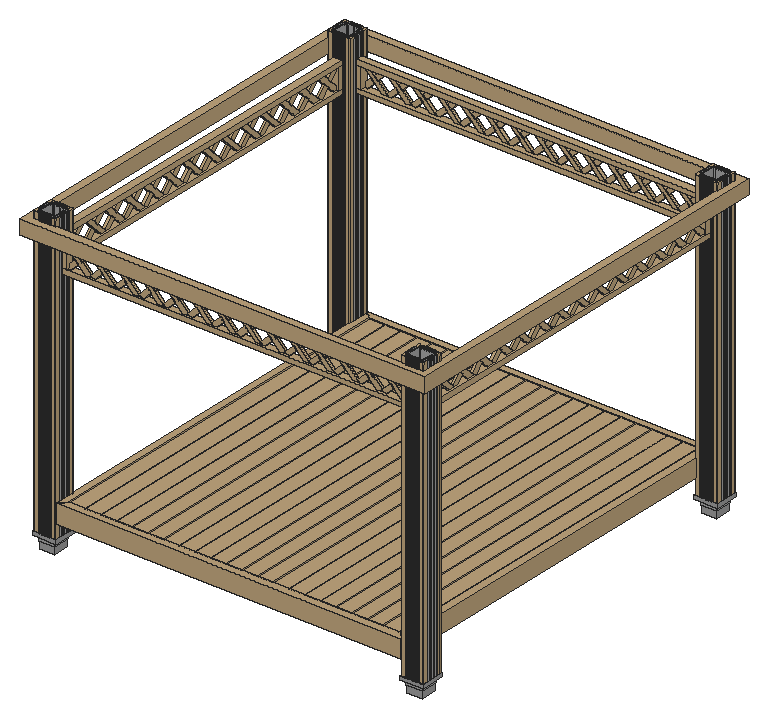
Revit family "L-FUR_파고라_DWP-530_데오스웍스", category 일반 모델, Revit 2021
Family settings
  보강 철근 호스트 가능 = 아니오
  원형 커넥터 치수 = 지름 사용
  부품 유형 = 보통
  작업 기준면 기반 = 아니오
  항상 수직 = 예
  로드될 때 보이드를 사용하여 절단 = 아니오
  공유 = 아니오
  룸 계산 점 = 아니오
Parameters
  한국산업규격KS = ""
  조달청표준공사코드-세부공종 = "24072297"
  기본 입면도 = 0 mm
  건설정보분류체계-부위분류 = "E941"
  LIM_INFO_주의사항 = "재배포, 재가공, 판매 금지"
  LIM_INFO_제품업체 = "예건"
  LIM_INFO_제품번호 = "YF-16"
  LIM_INFO_제품명 = "펜스_YF-16"
  LIM_INFO_제작일 = "20230315"
  LIM_INFO_재료 = "Hardwood, STL-pipe, STL-plate"
  LIM_INFO_업체정보 = ""
  LIM_INFO_업체URL = "https://yekun.com/"
  LIM_INFO_업체TEL = "(+82)31-943-6114"
  LIM_INFO_업체EMAIL = "yekun@yekun.com"
  LIM_INFO_버전 = "2023_V01"
  LIM_INFO_기타정보 = ""
  LIM_INFO_규격 = "W2000 x H1800"
  LIM_INFO_가격 = 0
  LIM_INFO_PV_포장재여부 = yes
  LIM_INFO_PV_면적 = 0.00 m²
  KBIMS_식별-버전 = ""
  KBIMS_식별-bSK등록번호 = ""
  KBIMS_보급정보-저작자 = "림인포테크_MMJ"
  KBIMS_보급정보-보급코드 = ""
Reference planes
  plane 1 "중심(앞/뒤)": y = 0
  plane 2: z = 0
  plane 3 "중심(왼쪽/오른쪽)": x = 0
Dimensions and locks
  aligned and locked: level to plane 2
Nested families
  nested 1: "DWP-530_base" at (0, 0, 0), type "DWP-530_base"
Definition of nested family "DWP-530_base"
  Parameters (values of type "DWP-530_base")
    Default Elevation = 0 mm
  Reference planes
    plane 1 "중심(앞/뒤)": y = 0
    plane 2: z = 0
    plane 3 "중심(왼쪽/오른쪽)": x = 0
  Forms (mm)
    Extrusion 1, solid, detail levels fine
      sketch origin (0, 0, 0) x (1, 0, 0) y (0, 0, 1)
        loop
          line (3273.502, 400) -> (3273.502, 360) -> (3393.502, 360) -> (3393.502, 400) -> (3273.502, 400)
        loop
          line (3145.502, 400) -> (3145.502, 360) -> (3265.502, 360) -> (3265.502, 400) -> (3145.502, 400)
        loop
          line (3017.502, 400) -> (3017.502, 360) -> (3137.502, 360) -> (3137.502, 400) -> (3017.502, 400)
        loop
          line (2889.502, 400) -> (2889.502, 360) -> (3009.502, 360) -> (3009.502, 400) -> (2889.502, 400)
        loop
          line (2761.502, 400) -> (2761.502, 360) -> (2881.502, 360) -> (2881.502, 400) -> (2761.502, 400)
        loop
          line (2633.502, 400) -> (2633.502, 360) -> (2753.502, 360) -> (2753.502, 400) -> (2633.502, 400)
        loop
          line (2505.502, 400) -> (2505.502, 360) -> (2625.502, 360) -> (2625.502, 400) -> (2505.502, 400)
        loop
          line (2377.502, 400) -> (2377.502, 360) -> (2497.502, 360) -> (2497.502, 400) -> (2377.502, 400)
        loop
          line (2249.502, 400) -> (2249.502, 360) -> (2369.502, 360) -> (2369.502, 400) -> (2249.502, 400)
        loop
          line (2121.502, 400) -> (2121.502, 360) -> (2241.502, 360) -> (2241.502, 400) -> (2121.502, 400)
        loop
          line (1993.502, 400) -> (1993.502, 360) -> (2113.502, 360) -> (2113.502, 400) -> (1993.502, 400)
        loop
          line (1865.502, 400) -> (1865.502, 360) -> (1985.502, 360) -> (1985.502, 400) -> (1865.502, 400)
        loop
          line (1737.502, 400) -> (1737.502, 360) -> (1857.502, 360) -> (1857.502, 400) -> (1737.502, 400)
        loop
          line (1609.502, 400) -> (1609.502, 360) -> (1729.502, 360) -> (1729.502, 400) -> (1609.502, 400)
        loop
          line (1481.502, 400) -> (1481.502, 360) -> (1601.502, 360) -> (1601.502, 400) -> (1481.502, 400)
        loop
          line (1353.502, 400) -> (1353.502, 360) -> (1473.502, 360) -> (1473.502, 400) -> (1353.502, 400)
        loop
          line (1225.502, 400) -> (1225.502, 360) -> (1345.502, 360) -> (1345.502, 400) -> (1225.502, 400)
        loop
          line (1097.502, 400) -> (1097.502, 360) -> (1217.502, 360) -> (1217.502, 400) -> (1097.502, 400)
        loop
          line (969.502, 400) -> (969.502, 360) -> (1089.502, 360) -> (1089.502, 400) -> (969.502, 400)
        loop
          line (841.502, 400) -> (841.502, 360) -> (961.502, 360) -> (961.502, 400) -> (841.502, 400)
        loop
          line (713.502, 400) -> (713.502, 360) -> (833.502, 360) -> (833.502, 400) -> (713.502, 400)
      from -540.15 to -3599.986
    Extrusion 2, solid, detail levels fine
      sketch origin (-7477.207, 0, 0) x (1, 0, 0) y (0, 1, 0)
        loop
          line (8178.873, 3599.986) -> (10878.709, 3599.986) -> (10938.709, 3659.986) -> (8118.873, 3659.986) -> (8178.873, 3599.986)
        loop
          line (8178.873, 540.15) -> (8118.873, 480.15) -> (10938.709, 480.15) -> (10878.709, 540.15) -> (8178.873, 540.15)
      from 400 to 250
    Extrusion 3, solid, detail levels fine
      sketch origin (-7477.207, 0, 0) x (1, 0, 0) y (0, 1, 0)
        loop
          line (8118.873, 480.15) -> (8178.873, 540.15) -> (8178.873, 3599.986) -> (8118.873, 3659.986) -> (8118.873, 480.15)
        loop
          line (10878.709, 540.15) -> (10938.709, 480.15) -> (10938.709, 3659.986) -> (10878.709, 3599.986) -> (10878.709, 540.15)
      from 400 to 250
    Extrusion 4, solid, detail levels fine
      sketch origin (-10477.043, 0, 0) x (1, 0, 0) y (0, 1, 0)
        loop
          line (11078.709, 3639.486) -> (11098.209, 3639.486) -> (11098.209, 3619.986) -> (11118.709, 3619.986) -> (11118.709, 3653.486)
          arc (11118.709, 3653.486) -> (11116.805, 3658.082) -> (11112.209, 3659.986) r 6.5
          line (11112.209, 3659.986) -> (11078.709, 3659.986) -> (11078.709, 3639.486)
        loop
          line (10978.709, 3639.486) -> (10978.709, 3659.986) -> (10945.209, 3659.986)
          arc (10945.209, 3659.986) -> (10940.613, 3658.082) -> (10938.709, 3653.486) r 6.5
          line (10938.709, 3653.486) -> (10938.709, 3619.986) -> (10959.209, 3619.986) -> (10959.209, 3639.486) -> (10978.709, 3639.486)
        loop
          line (10978.709, 3500.486) -> (10959.209, 3500.486) -> (10959.209, 3519.986) -> (10938.709, 3519.986) -> (10938.709, 3486.486)
          arc (10938.709, 3486.486) -> (10940.613, 3481.889) -> (10945.209, 3479.986) r 6.5
          line (10945.209, 3479.986) -> (10978.709, 3479.986) -> (10978.709, 3500.486)
        loop
          line (11078.709, 3500.486) -> (11078.709, 3479.986) -> (11112.209, 3479.986)
          arc (11112.209, 3479.986) -> (11116.805, 3481.889) -> (11118.709, 3486.486) r 6.5
          line (11118.709, 3486.486) -> (11118.709, 3519.986) -> (11098.209, 3519.986) -> (11098.209, 3500.486) -> (11078.709, 3500.486)
      from 2471.849 to 130
    Extrusion 5, solid, detail levels fine
      sketch origin (-10477.043, 0, 0) x (1, 0, 0) y (0, 1, 0)
        loop
          line (11082.709, 3629.286) -> (10974.709, 3629.286)
          arc (10974.709, 3629.286) -> (10970.961, 3627.733) -> (10969.409, 3623.986) r 5.3
          line (10969.409, 3623.986) -> (10969.409, 3515.986)
          arc (10969.409, 3515.986) -> (10970.961, 3512.238) -> (10974.709, 3510.686) r 5.3
          line (10974.709, 3510.686) -> (11082.709, 3510.686)
          arc (11082.709, 3510.686) -> (11086.457, 3512.238) -> (11088.009, 3515.986) r 5.3
          line (11088.009, 3515.986) -> (11088.009, 3623.986)
          arc (11088.009, 3623.986) -> (11086.457, 3627.733) -> (11082.709, 3629.286) r 5.3
        loop
          line (11091.209, 3515.986) -> (11091.209, 3623.986)
          arc (11091.209, 3623.986) -> (11088.719, 3629.996) -> (11082.709, 3632.486) r 8.5
          line (11082.709, 3632.486) -> (10974.709, 3632.486)
          arc (10974.709, 3632.486) -> (10968.698, 3629.996) -> (10966.209, 3623.986) r 8.5
          line (10966.209, 3623.986) -> (10966.209, 3515.986)
          arc (10966.209, 3515.986) -> (10968.698, 3509.975) -> (10974.709, 3507.486) r 8.5
          line (10974.709, 3507.486) -> (11082.709, 3507.486)
          arc (11082.709, 3507.486) -> (11088.719, 3509.975) -> (11091.209, 3515.986) r 8.5
      from 2471.849 to 130
    Extrusion 6, solid, detail levels fine
      sketch origin (-10477.043, 0, 0) x (1, 0, 0) y (0, 1, 0)
        loop
          line (10961.209, 3502.486) -> (10961.209, 3519.986) -> (10962.709, 3519.986) -> (10962.709, 3521.986) -> (10961.209, 3521.986) -> (10961.209, 3542.673) -> (10962.709, 3542.673) -> (10962.709, 3544.673) -> (10960.209, 3544.673) -> (10960.209, 3562.986) -> (10958.209, 3562.986)
          arc (10958.209, 3562.986) -> (10956.209, 3560.986) -> (10958.209, 3558.986) r 2
          line (10958.209, 3558.986) -> (10958.209, 3544.673) -> (10946.709, 3544.673) -> (10946.709, 3559.579) -> (10948.709, 3559.579) -> (10948.709, 3568.486) -> (10946.709, 3568.486) -> (10946.709, 3561.579) -> (10944.709, 3561.579) -> (10944.709, 3568.486) -> (10938.709, 3568.486) -> (10938.709, 3559.579) -> (10944.709, 3559.579) -> (10944.709, 3556.579) -> (10938.709, 3556.579) -> (10938.709, 3547.673) -> (10944.709, 3547.673) -> (10944.709, 3544.673) -> (10938.709, 3544.673) -> (10938.709, 3535.767) -> (10944.709, 3535.767) -> (10944.709, 3532.767) -> (10938.709, 3532.767) -> (10938.709, 3523.861) -> (10944.709, 3523.861) -> (10944.709, 3519.986) -> (10959.209, 3519.986) -> (10959.209, 3500.486) -> (10978.709, 3500.486) -> (10978.709, 3485.986) -> (10982.585, 3485.986) -> (10982.585, 3479.986) -> (10991.491, 3479.986) -> (10991.491, 3485.986) -> (10994.491, 3485.986) -> (10994.491, 3479.986) -> (11003.397, 3479.986) -> (11003.397, 3485.986) -> (11006.397, 3485.986) -> (11006.397, 3479.986) -> (11015.303, 3479.986) -> (11015.303, 3485.986) -> (11018.303, 3485.986) -> (11018.303, 3479.986) -> (11027.209, 3479.986) -> (11027.209, 3485.986) -> (11030.209, 3485.986) -> (11030.209, 3479.986) -> (11039.115, 3479.986) -> (11039.115, 3485.986) -> (11042.115, 3485.986) -> (11042.115, 3479.986) -> (11051.021, 3479.986) -> (11051.021, 3485.986) -> (11054.021, 3485.986) -> (11054.021, 3479.986) -> (11062.927, 3479.986) -> (11062.927, 3485.986) -> (11065.927, 3485.986) -> (11065.927, 3479.986) -> (11074.833, 3479.986) -> (11074.833, 3485.986) -> (11078.709, 3485.986) -> (11078.709, 3500.486) -> (11098.209, 3500.486) -> (11098.209, 3519.986) -> (11112.709, 3519.986) -> (11112.709, 3523.861) -> (11118.709, 3523.861) -> (11118.709, 3532.767) -> (11112.709, 3532.767) -> (11112.709, 3535.767) -> (11118.709, 3535.767) -> (11118.709, 3544.673) -> (11112.709, 3544.673) -> (11112.709, 3547.673) -> (11118.709, 3547.673) -> (11118.709, 3556.579) -> (11112.709, 3556.579) -> (11112.709, 3559.579) -> (11118.709, 3559.579) -> (11118.709, 3568.486) -> (11112.709, 3568.486) -> (11112.709, 3578.392) -> (11110.709, 3578.392) -> (11110.709, 3544.673) -> (11099.209, 3544.673) -> (11099.209, 3558.986)
          arc (11099.209, 3558.986) -> (11101.209, 3560.986) -> (11099.209, 3562.986) r 2
          line (11099.209, 3562.986) -> (11097.209, 3562.986) -> (11097.209, 3544.673) -> (11094.709, 3544.673) -> (11094.709, 3542.673) -> (11096.209, 3542.673) -> (11096.209, 3521.986) -> (11094.709, 3521.986) -> (11094.709, 3519.986) -> (11096.209, 3519.986) -> (11096.209, 3502.486) -> (11078.709, 3502.486) -> (11078.709, 3503.986) -> (11076.709, 3503.986) -> (11076.709, 3502.486) -> (11029.709, 3502.486) -> (11029.709, 3503.986) -> (11027.709, 3503.986) -> (11027.709, 3502.486) -> (10980.709, 3502.486) -> (10980.709, 3503.986) -> (10978.709, 3503.986) -> (10978.709, 3502.486) -> (10961.209, 3502.486)
        loop
          line (10980.709, 3500.486) -> (10980.709, 3487.986) -> (10984.585, 3487.986) -> (10984.585, 3481.986) -> (10989.585, 3481.986) -> (10989.585, 3487.986) -> (10996.491, 3487.986) -> (10996.491, 3481.986) -> (11001.491, 3481.986) -> (11001.491, 3487.986) -> (11008.397, 3487.986) -> (11008.397, 3481.986) -> (11013.397, 3481.986) -> (11013.397, 3487.986) -> (11020.303, 3487.986) -> (11020.303, 3481.986) -> (11025.303, 3481.986) -> (11025.303, 3487.986) -> (11027.709, 3487.986) -> (11027.709, 3500.486) -> (10980.709, 3500.486)
        loop
          line (11029.709, 3500.486) -> (11029.709, 3487.986) -> (11032.115, 3487.986) -> (11032.115, 3481.986) -> (11037.115, 3481.986) -> (11037.115, 3487.986) -> (11044.021, 3487.986) -> (11044.021, 3481.986) -> (11049.021, 3481.986) -> (11049.021, 3487.986) -> (11055.927, 3487.986) -> (11055.927, 3481.986) -> (11060.927, 3481.986) -> (11060.927, 3487.986) -> (11067.833, 3487.986) -> (11067.833, 3481.986) -> (11072.833, 3481.986) -> (11072.833, 3487.986) -> (11076.709, 3487.986) -> (11076.709, 3500.486) -> (11029.709, 3500.486)
        loop
          line (11098.209, 3542.673) -> (11098.209, 3521.986) -> (11110.709, 3521.986) -> (11110.709, 3542.673) -> (11098.209, 3542.673)
        loop
          line (11112.709, 3530.861) -> (11112.709, 3525.861) -> (11116.709, 3525.861) -> (11116.709, 3530.861) -> (11112.709, 3530.861)
        loop
          line (11116.709, 3542.767) -> (11112.709, 3542.767) -> (11112.709, 3537.767) -> (11116.709, 3537.767) -> (11116.709, 3542.767)
        loop
          line (11116.709, 3549.673) -> (11116.709, 3554.673) -> (11112.709, 3554.673) -> (11112.709, 3549.673) -> (11116.709, 3549.673)
        loop
          line (11116.709, 3561.579) -> (11116.709, 3566.579) -> (11112.709, 3566.579) -> (11112.709, 3561.579) -> (11116.709, 3561.579)
        loop
          line (10959.209, 3542.673) -> (10946.709, 3542.673) -> (10946.709, 3521.986) -> (10959.209, 3521.986) -> (10959.209, 3542.673)
        loop
          line (10942.709, 3566.579) -> (10940.709, 3566.579) -> (10940.709, 3561.579) -> (10942.709, 3561.579) -> (10942.709, 3566.579)
        loop
          line (10944.709, 3549.673) -> (10944.709, 3554.673) -> (10940.709, 3554.673) -> (10940.709, 3549.673) -> (10944.709, 3549.673)
        loop
          line (10944.709, 3542.767) -> (10940.709, 3542.767) -> (10940.709, 3537.767) -> (10944.709, 3537.767) -> (10944.709, 3542.767)
        loop
          line (10944.709, 3530.861) -> (10940.709, 3530.861) -> (10940.709, 3525.861) -> (10944.709, 3525.861) -> (10944.709, 3530.861)
      from 2471.849 to 130
    Extrusion 7, solid, detail levels fine
      sketch origin (-10477.043, 0, 0) x (1, 0, 0) y (0, 1, 0)
        loop
          line (10946.709, 3561.579) -> (10946.709, 3595.298) -> (10958.209, 3595.298) -> (10958.209, 3580.986)
          arc (10958.209, 3580.986) -> (10956.209, 3578.986) -> (10958.209, 3576.986) r 2
          line (10958.209, 3576.986) -> (10960.209, 3576.986) -> (10960.209, 3595.298) -> (10962.709, 3595.298) -> (10962.709, 3597.298) -> (10961.209, 3597.298) -> (10961.209, 3617.986) -> (10962.709, 3617.986) -> (10962.709, 3619.986) -> (10961.209, 3619.986) -> (10961.209, 3637.486) -> (10978.709, 3637.486) -> (10978.709, 3635.986) -> (10980.709, 3635.986) -> (10980.709, 3637.486) -> (11027.709, 3637.486) -> (11027.709, 3635.986) -> (11029.709, 3635.986) -> (11029.709, 3637.486) -> (11076.709, 3637.486) -> (11076.709, 3635.986) -> (11078.709, 3635.986) -> (11078.709, 3637.486) -> (11096.209, 3637.486) -> (11096.209, 3619.986) -> (11094.709, 3619.986) -> (11094.709, 3617.986) -> (11096.209, 3617.986) -> (11096.209, 3597.298) -> (11094.709, 3597.298) -> (11094.709, 3595.298) -> (11097.209, 3595.298) -> (11097.209, 3576.986) -> (11099.209, 3576.986)
          arc (11099.209, 3576.986) -> (11101.209, 3578.986) -> (11099.209, 3580.986) r 2
          line (11099.209, 3580.986) -> (11099.209, 3595.298) -> (11110.709, 3595.298) -> (11110.709, 3580.392) -> (11108.709, 3580.392) -> (11108.709, 3571.486) -> (11110.709, 3571.486) -> (11110.709, 3578.392) -> (11112.709, 3578.392) -> (11112.709, 3571.486) -> (11118.709, 3571.486) -> (11118.709, 3580.392) -> (11112.709, 3580.392) -> (11112.709, 3583.392) -> (11118.709, 3583.392) -> (11118.709, 3592.298) -> (11112.709, 3592.298) -> (11112.709, 3595.298) -> (11118.709, 3595.298) -> (11118.709, 3604.204) -> (11112.709, 3604.204) -> (11112.709, 3607.204) -> (11118.709, 3607.204) -> (11118.709, 3616.11) -> (11112.709, 3616.11) -> (11112.709, 3619.986) -> (11098.209, 3619.986) -> (11098.209, 3639.486) -> (11078.709, 3639.486) -> (11078.709, 3653.986) -> (11074.833, 3653.986) -> (11074.833, 3659.986) -> (11065.927, 3659.986) -> (11065.927, 3653.986) -> (11062.927, 3653.986) -> (11062.927, 3659.986) -> (11054.021, 3659.986) -> (11054.021, 3653.986) -> (11051.021, 3653.986) -> (11051.021, 3659.986) -> (11042.115, 3659.986) -> (11042.115, 3653.986) -> (11039.115, 3653.986) -> (11039.115, 3659.986) -> (11030.209, 3659.986) -> (11030.209, 3653.986) -> (11027.209, 3653.986) -> (11027.209, 3659.986) -> (11018.303, 3659.986) -> (11018.303, 3653.986) -> (11015.303, 3653.986) -> (11015.303, 3659.986) -> (11006.397, 3659.986) -> (11006.397, 3653.986) -> (11003.397, 3653.986) -> (11003.397, 3659.986) -> (10994.491, 3659.986) -> (10994.491, 3653.986) -> (10991.491, 3653.986) -> (10991.491, 3659.986) -> (10982.585, 3659.986) -> (10982.585, 3653.986) -> (10978.709, 3653.986) -> (10978.709, 3639.486) -> (10959.209, 3639.486) -> (10959.209, 3619.986) -> (10944.709, 3619.986) -> (10944.709, 3616.11) -> (10938.709, 3616.11) -> (10938.709, 3607.204) -> (10944.709, 3607.204) -> (10944.709, 3604.204) -> (10938.709, 3604.204) -> (10938.709, 3595.298) -> (10944.709, 3595.298) -> (10944.709, 3592.298) -> (10938.709, 3592.298) -> (10938.709, 3583.392) -> (10944.709, 3583.392) -> (10944.709, 3580.392) -> (10938.709, 3580.392) -> (10938.709, 3571.486) -> (10944.709, 3571.486) -> (10944.709, 3561.579) -> (10946.709, 3561.579)
        loop
          line (10946.709, 3597.298) -> (10959.209, 3597.298) -> (10959.209, 3617.986) -> (10946.709, 3617.986) -> (10946.709, 3597.298)
        loop
          line (10940.709, 3573.392) -> (10944.709, 3573.392) -> (10944.709, 3578.392) -> (10940.709, 3578.392) -> (10940.709, 3573.392)
        loop
          line (10944.709, 3585.298) -> (10944.709, 3590.298) -> (10940.709, 3590.298) -> (10940.709, 3585.298) -> (10944.709, 3585.298)
        loop
          line (10944.709, 3597.204) -> (10944.709, 3602.204) -> (10940.709, 3602.204) -> (10940.709, 3597.204) -> (10944.709, 3597.204)
        loop
          line (10944.709, 3614.11) -> (10940.709, 3614.11) -> (10940.709, 3609.11) -> (10944.709, 3609.11) -> (10944.709, 3614.11)
        loop
          line (11027.709, 3639.486) -> (11027.709, 3651.986) -> (11025.303, 3651.986) -> (11025.303, 3657.986) -> (11020.303, 3657.986) -> (11020.303, 3651.986) -> (11013.397, 3651.986) -> (11013.397, 3657.986) -> (11008.397, 3657.986) -> (11008.397, 3651.986) -> (11001.491, 3651.986) -> (11001.491, 3657.986) -> (10996.491, 3657.986) -> (10996.491, 3651.986) -> (10989.585, 3651.986) -> (10989.585, 3657.986) -> (10984.585, 3657.986) -> (10984.585, 3651.986) -> (10980.709, 3651.986) -> (10980.709, 3639.486) -> (11027.709, 3639.486)
        loop
          line (11076.709, 3639.486) -> (11076.709, 3651.986) -> (11072.833, 3651.986) -> (11072.833, 3657.986) -> (11067.833, 3657.986) -> (11067.833, 3651.986) -> (11060.927, 3651.986) -> (11060.927, 3657.986) -> (11055.927, 3657.986) -> (11055.927, 3651.986) -> (11049.021, 3651.986) -> (11049.021, 3657.986) -> (11044.021, 3657.986) -> (11044.021, 3651.986) -> (11037.115, 3651.986) -> (11037.115, 3657.986) -> (11032.115, 3657.986) -> (11032.115, 3651.986) -> (11029.709, 3651.986) -> (11029.709, 3639.486) -> (11076.709, 3639.486)
        loop
          line (11110.709, 3617.986) -> (11098.209, 3617.986) -> (11098.209, 3597.298) -> (11110.709, 3597.298) -> (11110.709, 3617.986)
        loop
          line (11112.709, 3614.11) -> (11112.709, 3609.11) -> (11116.709, 3609.11) -> (11116.709, 3614.11) -> (11112.709, 3614.11)
        loop
          line (11116.709, 3602.204) -> (11112.709, 3602.204) -> (11112.709, 3597.204) -> (11116.709, 3597.204) -> (11116.709, 3602.204)
        loop
          line (11116.709, 3585.298) -> (11116.709, 3590.298) -> (11112.709, 3590.298) -> (11112.709, 3585.298) -> (11116.709, 3585.298)
        loop
          line (11116.709, 3578.392) -> (11114.709, 3578.392) -> (11114.709, 3573.392) -> (11116.709, 3573.392) -> (11116.709, 3578.392)
      from 2471.849 to 130
    Extrusion 8, solid, detail levels fine
      sketch origin (-10477.043, -2999.836, 0) x (1, 0, 0) y (0, 1, 0)
        loop
          line (11078.709, 3639.486) -> (11098.209, 3639.486) -> (11098.209, 3619.986) -> (11118.709, 3619.986) -> (11118.709, 3653.486)
          arc (11118.709, 3653.486) -> (11116.805, 3658.082) -> (11112.209, 3659.986) r 6.5
          line (11112.209, 3659.986) -> (11078.709, 3659.986) -> (11078.709, 3639.486)
        loop
          line (10978.709, 3639.486) -> (10978.709, 3659.986) -> (10945.209, 3659.986)
          arc (10945.209, 3659.986) -> (10940.613, 3658.082) -> (10938.709, 3653.486) r 6.5
          line (10938.709, 3653.486) -> (10938.709, 3619.986) -> (10959.209, 3619.986) -> (10959.209, 3639.486) -> (10978.709, 3639.486)
        loop
          line (10978.709, 3500.486) -> (10959.209, 3500.486) -> (10959.209, 3519.986) -> (10938.709, 3519.986) -> (10938.709, 3486.486)
          arc (10938.709, 3486.486) -> (10940.613, 3481.889) -> (10945.209, 3479.986) r 6.5
          line (10945.209, 3479.986) -> (10978.709, 3479.986) -> (10978.709, 3500.486)
        loop
          line (11078.709, 3500.486) -> (11078.709, 3479.986) -> (11112.209, 3479.986)
          arc (11112.209, 3479.986) -> (11116.805, 3481.889) -> (11118.709, 3486.486) r 6.5
          line (11118.709, 3486.486) -> (11118.709, 3519.986) -> (11098.209, 3519.986) -> (11098.209, 3500.486) -> (11078.709, 3500.486)
      from 2471.849 to 130
    Extrusion 9, solid, detail levels fine
      sketch origin (-10477.043, -2999.836, 0) x (1, 0, 0) y (0, 1, 0)
        loop
          line (11082.709, 3629.286) -> (10974.709, 3629.286)
          arc (10974.709, 3629.286) -> (10970.961, 3627.733) -> (10969.409, 3623.986) r 5.3
          line (10969.409, 3623.986) -> (10969.409, 3515.986)
          arc (10969.409, 3515.986) -> (10970.961, 3512.238) -> (10974.709, 3510.686) r 5.3
          line (10974.709, 3510.686) -> (11082.709, 3510.686)
          arc (11082.709, 3510.686) -> (11086.457, 3512.238) -> (11088.009, 3515.986) r 5.3
          line (11088.009, 3515.986) -> (11088.009, 3623.986)
          arc (11088.009, 3623.986) -> (11086.457, 3627.733) -> (11082.709, 3629.286) r 5.3
        loop
          line (11091.209, 3515.986) -> (11091.209, 3623.986)
          arc (11091.209, 3623.986) -> (11088.719, 3629.996) -> (11082.709, 3632.486) r 8.5
          line (11082.709, 3632.486) -> (10974.709, 3632.486)
          arc (10974.709, 3632.486) -> (10968.698, 3629.996) -> (10966.209, 3623.986) r 8.5
          line (10966.209, 3623.986) -> (10966.209, 3515.986)
          arc (10966.209, 3515.986) -> (10968.698, 3509.975) -> (10974.709, 3507.486) r 8.5
          line (10974.709, 3507.486) -> (11082.709, 3507.486)
          arc (11082.709, 3507.486) -> (11088.719, 3509.975) -> (11091.209, 3515.986) r 8.5
      from 2471.849 to 130
    Extrusion 10, solid, detail levels fine
      sketch origin (-10477.043, -2999.836, 0) x (1, 0, 0) y (0, 1, 0)
        loop
          line (10961.209, 3502.486) -> (10961.209, 3519.986) -> (10962.709, 3519.986) -> (10962.709, 3521.986) -> (10961.209, 3521.986) -> (10961.209, 3542.673) -> (10962.709, 3542.673) -> (10962.709, 3544.673) -> (10960.209, 3544.673) -> (10960.209, 3562.986) -> (10958.209, 3562.986)
          arc (10958.209, 3562.986) -> (10956.209, 3560.986) -> (10958.209, 3558.986) r 2
          line (10958.209, 3558.986) -> (10958.209, 3544.673) -> (10946.709, 3544.673) -> (10946.709, 3559.579) -> (10948.709, 3559.579) -> (10948.709, 3568.486) -> (10946.709, 3568.486) -> (10946.709, 3561.579) -> (10944.709, 3561.579) -> (10944.709, 3568.486) -> (10938.709, 3568.486) -> (10938.709, 3559.579) -> (10944.709, 3559.579) -> (10944.709, 3556.579) -> (10938.709, 3556.579) -> (10938.709, 3547.673) -> (10944.709, 3547.673) -> (10944.709, 3544.673) -> (10938.709, 3544.673) -> (10938.709, 3535.767) -> (10944.709, 3535.767) -> (10944.709, 3532.767) -> (10938.709, 3532.767) -> (10938.709, 3523.861) -> (10944.709, 3523.861) -> (10944.709, 3519.986) -> (10959.209, 3519.986) -> (10959.209, 3500.486) -> (10978.709, 3500.486) -> (10978.709, 3485.986) -> (10982.585, 3485.986) -> (10982.585, 3479.986) -> (10991.491, 3479.986) -> (10991.491, 3485.986) -> (10994.491, 3485.986) -> (10994.491, 3479.986) -> (11003.397, 3479.986) -> (11003.397, 3485.986) -> (11006.397, 3485.986) -> (11006.397, 3479.986) -> (11015.303, 3479.986) -> (11015.303, 3485.986) -> (11018.303, 3485.986) -> (11018.303, 3479.986) -> (11027.209, 3479.986) -> (11027.209, 3485.986) -> (11030.209, 3485.986) -> (11030.209, 3479.986) -> (11039.115, 3479.986) -> (11039.115, 3485.986) -> (11042.115, 3485.986) -> (11042.115, 3479.986) -> (11051.021, 3479.986) -> (11051.021, 3485.986) -> (11054.021, 3485.986) -> (11054.021, 3479.986) -> (11062.927, 3479.986) -> (11062.927, 3485.986) -> (11065.927, 3485.986) -> (11065.927, 3479.986) -> (11074.833, 3479.986) -> (11074.833, 3485.986) -> (11078.709, 3485.986) -> (11078.709, 3500.486) -> (11098.209, 3500.486) -> (11098.209, 3519.986) -> (11112.709, 3519.986) -> (11112.709, 3523.861) -> (11118.709, 3523.861) -> (11118.709, 3532.767) -> (11112.709, 3532.767) -> (11112.709, 3535.767) -> (11118.709, 3535.767) -> (11118.709, 3544.673) -> (11112.709, 3544.673) -> (11112.709, 3547.673) -> (11118.709, 3547.673) -> (11118.709, 3556.579) -> (11112.709, 3556.579) -> (11112.709, 3559.579) -> (11118.709, 3559.579) -> (11118.709, 3568.486) -> (11112.709, 3568.486) -> (11112.709, 3578.392) -> (11110.709, 3578.392) -> (11110.709, 3544.673) -> (11099.209, 3544.673) -> (11099.209, 3558.986)
          arc (11099.209, 3558.986) -> (11101.209, 3560.986) -> (11099.209, 3562.986) r 2
          line (11099.209, 3562.986) -> (11097.209, 3562.986) -> (11097.209, 3544.673) -> (11094.709, 3544.673) -> (11094.709, 3542.673) -> (11096.209, 3542.673) -> (11096.209, 3521.986) -> (11094.709, 3521.986) -> (11094.709, 3519.986) -> (11096.209, 3519.986) -> (11096.209, 3502.486) -> (11078.709, 3502.486) -> (11078.709, 3503.986) -> (11076.709, 3503.986) -> (11076.709, 3502.486) -> (11029.709, 3502.486) -> (11029.709, 3503.986) -> (11027.709, 3503.986) -> (11027.709, 3502.486) -> (10980.709, 3502.486) -> (10980.709, 3503.986) -> (10978.709, 3503.986) -> (10978.709, 3502.486) -> (10961.209, 3502.486)
        loop
          line (10980.709, 3500.486) -> (10980.709, 3487.986) -> (10984.585, 3487.986) -> (10984.585, 3481.986) -> (10989.585, 3481.986) -> (10989.585, 3487.986) -> (10996.491, 3487.986) -> (10996.491, 3481.986) -> (11001.491, 3481.986) -> (11001.491, 3487.986) -> (11008.397, 3487.986) -> (11008.397, 3481.986) -> (11013.397, 3481.986) -> (11013.397, 3487.986) -> (11020.303, 3487.986) -> (11020.303, 3481.986) -> (11025.303, 3481.986) -> (11025.303, 3487.986) -> (11027.709, 3487.986) -> (11027.709, 3500.486) -> (10980.709, 3500.486)
        loop
          line (11029.709, 3500.486) -> (11029.709, 3487.986) -> (11032.115, 3487.986) -> (11032.115, 3481.986) -> (11037.115, 3481.986) -> (11037.115, 3487.986) -> (11044.021, 3487.986) -> (11044.021, 3481.986) -> (11049.021, 3481.986) -> (11049.021, 3487.986) -> (11055.927, 3487.986) -> (11055.927, 3481.986) -> (11060.927, 3481.986) -> (11060.927, 3487.986) -> (11067.833, 3487.986) -> (11067.833, 3481.986) -> (11072.833, 3481.986) -> (11072.833, 3487.986) -> (11076.709, 3487.986) -> (11076.709, 3500.486) -> (11029.709, 3500.486)
        loop
          line (11098.209, 3542.673) -> (11098.209, 3521.986) -> (11110.709, 3521.986) -> (11110.709, 3542.673) -> (11098.209, 3542.673)
        loop
          line (11112.709, 3530.861) -> (11112.709, 3525.861) -> (11116.709, 3525.861) -> (11116.709, 3530.861) -> (11112.709, 3530.861)
        loop
          line (11116.709, 3542.767) -> (11112.709, 3542.767) -> (11112.709, 3537.767) -> (11116.709, 3537.767) -> (11116.709, 3542.767)
        loop
          line (11116.709, 3549.673) -> (11116.709, 3554.673) -> (11112.709, 3554.673) -> (11112.709, 3549.673) -> (11116.709, 3549.673)
        loop
          line (11116.709, 3561.579) -> (11116.709, 3566.579) -> (11112.709, 3566.579) -> (11112.709, 3561.579) -> (11116.709, 3561.579)
        loop
          line (10959.209, 3542.673) -> (10946.709, 3542.673) -> (10946.709, 3521.986) -> (10959.209, 3521.986) -> (10959.209, 3542.673)
        loop
          line (10942.709, 3566.579) -> (10940.709, 3566.579) -> (10940.709, 3561.579) -> (10942.709, 3561.579) -> (10942.709, 3566.579)
        loop
          line (10944.709, 3549.673) -> (10944.709, 3554.673) -> (10940.709, 3554.673) -> (10940.709, 3549.673) -> (10944.709, 3549.673)
        loop
          line (10944.709, 3542.767) -> (10940.709, 3542.767) -> (10940.709, 3537.767) -> (10944.709, 3537.767) -> (10944.709, 3542.767)
        loop
          line (10944.709, 3530.861) -> (10940.709, 3530.861) -> (10940.709, 3525.861) -> (10944.709, 3525.861) -> (10944.709, 3530.861)
      from 2471.849 to 130
    Extrusion 11, solid, detail levels fine
      sketch origin (-10477.043, -2999.836, 0) x (1, 0, 0) y (0, 1, 0)
        loop
          line (10946.709, 3561.579) -> (10946.709, 3595.298) -> (10958.209, 3595.298) -> (10958.209, 3580.986)
          arc (10958.209, 3580.986) -> (10956.209, 3578.986) -> (10958.209, 3576.986) r 2
          line (10958.209, 3576.986) -> (10960.209, 3576.986) -> (10960.209, 3595.298) -> (10962.709, 3595.298) -> (10962.709, 3597.298) -> (10961.209, 3597.298) -> (10961.209, 3617.986) -> (10962.709, 3617.986) -> (10962.709, 3619.986) -> (10961.209, 3619.986) -> (10961.209, 3637.486) -> (10978.709, 3637.486) -> (10978.709, 3635.986) -> (10980.709, 3635.986) -> (10980.709, 3637.486) -> (11027.709, 3637.486) -> (11027.709, 3635.986) -> (11029.709, 3635.986) -> (11029.709, 3637.486) -> (11076.709, 3637.486) -> (11076.709, 3635.986) -> (11078.709, 3635.986) -> (11078.709, 3637.486) -> (11096.209, 3637.486) -> (11096.209, 3619.986) -> (11094.709, 3619.986) -> (11094.709, 3617.986) -> (11096.209, 3617.986) -> (11096.209, 3597.298) -> (11094.709, 3597.298) -> (11094.709, 3595.298) -> (11097.209, 3595.298) -> (11097.209, 3576.986) -> (11099.209, 3576.986)
          arc (11099.209, 3576.986) -> (11101.209, 3578.986) -> (11099.209, 3580.986) r 2
          line (11099.209, 3580.986) -> (11099.209, 3595.298) -> (11110.709, 3595.298) -> (11110.709, 3580.392) -> (11108.709, 3580.392) -> (11108.709, 3571.486) -> (11110.709, 3571.486) -> (11110.709, 3578.392) -> (11112.709, 3578.392) -> (11112.709, 3571.486) -> (11118.709, 3571.486) -> (11118.709, 3580.392) -> (11112.709, 3580.392) -> (11112.709, 3583.392) -> (11118.709, 3583.392) -> (11118.709, 3592.298) -> (11112.709, 3592.298) -> (11112.709, 3595.298) -> (11118.709, 3595.298) -> (11118.709, 3604.204) -> (11112.709, 3604.204) -> (11112.709, 3607.204) -> (11118.709, 3607.204) -> (11118.709, 3616.11) -> (11112.709, 3616.11) -> (11112.709, 3619.986) -> (11098.209, 3619.986) -> (11098.209, 3639.486) -> (11078.709, 3639.486) -> (11078.709, 3653.986) -> (11074.833, 3653.986) -> (11074.833, 3659.986) -> (11065.927, 3659.986) -> (11065.927, 3653.986) -> (11062.927, 3653.986) -> (11062.927, 3659.986) -> (11054.021, 3659.986) -> (11054.021, 3653.986) -> (11051.021, 3653.986) -> (11051.021, 3659.986) -> (11042.115, 3659.986) -> (11042.115, 3653.986) -> (11039.115, 3653.986) -> (11039.115, 3659.986) -> (11030.209, 3659.986) -> (11030.209, 3653.986) -> (11027.209, 3653.986) -> (11027.209, 3659.986) -> (11018.303, 3659.986) -> (11018.303, 3653.986) -> (11015.303, 3653.986) -> (11015.303, 3659.986) -> (11006.397, 3659.986) -> (11006.397, 3653.986) -> (11003.397, 3653.986) -> (11003.397, 3659.986) -> (10994.491, 3659.986) -> (10994.491, 3653.986) -> (10991.491, 3653.986) -> (10991.491, 3659.986) -> (10982.585, 3659.986) -> (10982.585, 3653.986) -> (10978.709, 3653.986) -> (10978.709, 3639.486) -> (10959.209, 3639.486) -> (10959.209, 3619.986) -> (10944.709, 3619.986) -> (10944.709, 3616.11) -> (10938.709, 3616.11) -> (10938.709, 3607.204) -> (10944.709, 3607.204) -> (10944.709, 3604.204) -> (10938.709, 3604.204) -> (10938.709, 3595.298) -> (10944.709, 3595.298) -> (10944.709, 3592.298) -> (10938.709, 3592.298) -> (10938.709, 3583.392) -> (10944.709, 3583.392) -> (10944.709, 3580.392) -> (10938.709, 3580.392) -> (10938.709, 3571.486) -> (10944.709, 3571.486) -> (10944.709, 3561.579) -> (10946.709, 3561.579)
        loop
          line (10946.709, 3597.298) -> (10959.209, 3597.298) -> (10959.209, 3617.986) -> (10946.709, 3617.986) -> (10946.709, 3597.298)
        loop
          line (10940.709, 3573.392) -> (10944.709, 3573.392) -> (10944.709, 3578.392) -> (10940.709, 3578.392) -> (10940.709, 3573.392)
        loop
          line (10944.709, 3585.298) -> (10944.709, 3590.298) -> (10940.709, 3590.298) -> (10940.709, 3585.298) -> (10944.709, 3585.298)
        loop
          line (10944.709, 3597.204) -> (10944.709, 3602.204) -> (10940.709, 3602.204) -> (10940.709, 3597.204) -> (10944.709, 3597.204)
        loop
          line (10944.709, 3614.11) -> (10940.709, 3614.11) -> (10940.709, 3609.11) -> (10944.709, 3609.11) -> (10944.709, 3614.11)
        loop
          line (11027.709, 3639.486) -> (11027.709, 3651.986) -> (11025.303, 3651.986) -> (11025.303, 3657.986) -> (11020.303, 3657.986) -> (11020.303, 3651.986) -> (11013.397, 3651.986) -> (11013.397, 3657.986) -> (11008.397, 3657.986) -> (11008.397, 3651.986) -> (11001.491, 3651.986) -> (11001.491, 3657.986) -> (10996.491, 3657.986) -> (10996.491, 3651.986) -> (10989.585, 3651.986) -> (10989.585, 3657.986) -> (10984.585, 3657.986) -> (10984.585, 3651.986) -> (10980.709, 3651.986) -> (10980.709, 3639.486) -> (11027.709, 3639.486)
        loop
          line (11076.709, 3639.486) -> (11076.709, 3651.986) -> (11072.833, 3651.986) -> (11072.833, 3657.986) -> (11067.833, 3657.986) -> (11067.833, 3651.986) -> (11060.927, 3651.986) -> (11060.927, 3657.986) -> (11055.927, 3657.986) -> (11055.927, 3651.986) -> (11049.021, 3651.986) -> (11049.021, 3657.986) -> (11044.021, 3657.986) -> (11044.021, 3651.986) -> (11037.115, 3651.986) -> (11037.115, 3657.986) -> (11032.115, 3657.986) -> (11032.115, 3651.986) -> (11029.709, 3651.986) -> (11029.709, 3639.486) -> (11076.709, 3639.486)
        loop
          line (11110.709, 3617.986) -> (11098.209, 3617.986) -> (11098.209, 3597.298) -> (11110.709, 3597.298) -> (11110.709, 3617.986)
        loop
          line (11112.709, 3614.11) -> (11112.709, 3609.11) -> (11116.709, 3609.11) -> (11116.709, 3614.11) -> (11112.709, 3614.11)
        loop
          line (11116.709, 3602.204) -> (11112.709, 3602.204) -> (11112.709, 3597.204) -> (11116.709, 3597.204) -> (11116.709, 3602.204)
        loop
          line (11116.709, 3585.298) -> (11116.709, 3590.298) -> (11112.709, 3590.298) -> (11112.709, 3585.298) -> (11116.709, 3585.298)
        loop
          line (11116.709, 3578.392) -> (11114.709, 3578.392) -> (11114.709, 3573.392) -> (11116.709, 3573.392) -> (11116.709, 3578.392)
      from 2471.849 to 130
    Extrusion 12, solid, detail levels fine
      sketch origin (-7477.207, 0, 0) x (1, 0, 0) y (0, 1, 0)
        loop
          line (11078.709, 3639.486) -> (11098.209, 3639.486) -> (11098.209, 3619.986) -> (11118.709, 3619.986) -> (11118.709, 3653.486)
          arc (11118.709, 3653.486) -> (11116.805, 3658.082) -> (11112.209, 3659.986) r 6.5
          line (11112.209, 3659.986) -> (11078.709, 3659.986) -> (11078.709, 3639.486)
        loop
          line (10978.709, 3639.486) -> (10978.709, 3659.986) -> (10945.209, 3659.986)
          arc (10945.209, 3659.986) -> (10940.613, 3658.082) -> (10938.709, 3653.486) r 6.5
          line (10938.709, 3653.486) -> (10938.709, 3619.986) -> (10959.209, 3619.986) -> (10959.209, 3639.486) -> (10978.709, 3639.486)
        loop
          line (10978.709, 3500.486) -> (10959.209, 3500.486) -> (10959.209, 3519.986) -> (10938.709, 3519.986) -> (10938.709, 3486.486)
          arc (10938.709, 3486.486) -> (10940.613, 3481.889) -> (10945.209, 3479.986) r 6.5
          line (10945.209, 3479.986) -> (10978.709, 3479.986) -> (10978.709, 3500.486)
        loop
          line (11078.709, 3500.486) -> (11078.709, 3479.986) -> (11112.209, 3479.986)
          arc (11112.209, 3479.986) -> (11116.805, 3481.889) -> (11118.709, 3486.486) r 6.5
          line (11118.709, 3486.486) -> (11118.709, 3519.986) -> (11098.209, 3519.986) -> (11098.209, 3500.486) -> (11078.709, 3500.486)
      from 2471.849 to 130
    Extrusion 13, solid, detail levels fine
      sketch origin (-7477.207, 0, 0) x (1, 0, 0) y (0, 1, 0)
        loop
          line (11082.709, 3629.286) -> (10974.709, 3629.286)
          arc (10974.709, 3629.286) -> (10970.961, 3627.733) -> (10969.409, 3623.986) r 5.3
          line (10969.409, 3623.986) -> (10969.409, 3515.986)
          arc (10969.409, 3515.986) -> (10970.961, 3512.238) -> (10974.709, 3510.686) r 5.3
          line (10974.709, 3510.686) -> (11082.709, 3510.686)
          arc (11082.709, 3510.686) -> (11086.457, 3512.238) -> (11088.009, 3515.986) r 5.3
          line (11088.009, 3515.986) -> (11088.009, 3623.986)
          arc (11088.009, 3623.986) -> (11086.457, 3627.733) -> (11082.709, 3629.286) r 5.3
        loop
          line (11091.209, 3515.986) -> (11091.209, 3623.986)
          arc (11091.209, 3623.986) -> (11088.719, 3629.996) -> (11082.709, 3632.486) r 8.5
          line (11082.709, 3632.486) -> (10974.709, 3632.486)
          arc (10974.709, 3632.486) -> (10968.698, 3629.996) -> (10966.209, 3623.986) r 8.5
          line (10966.209, 3623.986) -> (10966.209, 3515.986)
          arc (10966.209, 3515.986) -> (10968.698, 3509.975) -> (10974.709, 3507.486) r 8.5
          line (10974.709, 3507.486) -> (11082.709, 3507.486)
          arc (11082.709, 3507.486) -> (11088.719, 3509.975) -> (11091.209, 3515.986) r 8.5
      from 2471.849 to 130
    Extrusion 14, solid, detail levels fine
      sketch origin (-7477.207, 0, 0) x (1, 0, 0) y (0, 1, 0)
        loop
          line (10961.209, 3502.486) -> (10961.209, 3519.986) -> (10962.709, 3519.986) -> (10962.709, 3521.986) -> (10961.209, 3521.986) -> (10961.209, 3542.673) -> (10962.709, 3542.673) -> (10962.709, 3544.673) -> (10960.209, 3544.673) -> (10960.209, 3562.986) -> (10958.209, 3562.986)
          arc (10958.209, 3562.986) -> (10956.209, 3560.986) -> (10958.209, 3558.986) r 2
          line (10958.209, 3558.986) -> (10958.209, 3544.673) -> (10946.709, 3544.673) -> (10946.709, 3559.579) -> (10948.709, 3559.579) -> (10948.709, 3568.486) -> (10946.709, 3568.486) -> (10946.709, 3561.579) -> (10944.709, 3561.579) -> (10944.709, 3568.486) -> (10938.709, 3568.486) -> (10938.709, 3559.579) -> (10944.709, 3559.579) -> (10944.709, 3556.579) -> (10938.709, 3556.579) -> (10938.709, 3547.673) -> (10944.709, 3547.673) -> (10944.709, 3544.673) -> (10938.709, 3544.673) -> (10938.709, 3535.767) -> (10944.709, 3535.767) -> (10944.709, 3532.767) -> (10938.709, 3532.767) -> (10938.709, 3523.861) -> (10944.709, 3523.861) -> (10944.709, 3519.986) -> (10959.209, 3519.986) -> (10959.209, 3500.486) -> (10978.709, 3500.486) -> (10978.709, 3485.986) -> (10982.585, 3485.986) -> (10982.585, 3479.986) -> (10991.491, 3479.986) -> (10991.491, 3485.986) -> (10994.491, 3485.986) -> (10994.491, 3479.986) -> (11003.397, 3479.986) -> (11003.397, 3485.986) -> (11006.397, 3485.986) -> (11006.397, 3479.986) -> (11015.303, 3479.986) -> (11015.303, 3485.986) -> (11018.303, 3485.986) -> (11018.303, 3479.986) -> (11027.209, 3479.986) -> (11027.209, 3485.986) -> (11030.209, 3485.986) -> (11030.209, 3479.986) -> (11039.115, 3479.986) -> (11039.115, 3485.986) -> (11042.115, 3485.986) -> (11042.115, 3479.986) -> (11051.021, 3479.986) -> (11051.021, 3485.986) -> (11054.021, 3485.986) -> (11054.021, 3479.986) -> (11062.927, 3479.986) -> (11062.927, 3485.986) -> (11065.927, 3485.986) -> (11065.927, 3479.986) -> (11074.833, 3479.986) -> (11074.833, 3485.986) -> (11078.709, 3485.986) -> (11078.709, 3500.486) -> (11098.209, 3500.486) -> (11098.209, 3519.986) -> (11112.709, 3519.986) -> (11112.709, 3523.861) -> (11118.709, 3523.861) -> (11118.709, 3532.767) -> (11112.709, 3532.767) -> (11112.709, 3535.767) -> (11118.709, 3535.767) -> (11118.709, 3544.673) -> (11112.709, 3544.673) -> (11112.709, 3547.673) -> (11118.709, 3547.673) -> (11118.709, 3556.579) -> (11112.709, 3556.579) -> (11112.709, 3559.579) -> (11118.709, 3559.579) -> (11118.709, 3568.486) -> (11112.709, 3568.486) -> (11112.709, 3578.392) -> (11110.709, 3578.392) -> (11110.709, 3544.673) -> (11099.209, 3544.673) -> (11099.209, 3558.986)
          arc (11099.209, 3558.986) -> (11101.209, 3560.986) -> (11099.209, 3562.986) r 2
          line (11099.209, 3562.986) -> (11097.209, 3562.986) -> (11097.209, 3544.673) -> (11094.709, 3544.673) -> (11094.709, 3542.673) -> (11096.209, 3542.673) -> (11096.209, 3521.986) -> (11094.709, 3521.986) -> (11094.709, 3519.986) -> (11096.209, 3519.986) -> (11096.209, 3502.486) -> (11078.709, 3502.486) -> (11078.709, 3503.986) -> (11076.709, 3503.986) -> (11076.709, 3502.486) -> (11029.709, 3502.486) -> (11029.709, 3503.986) -> (11027.709, 3503.986) -> (11027.709, 3502.486) -> (10980.709, 3502.486) -> (10980.709, 3503.986) -> (10978.709, 3503.986) -> (10978.709, 3502.486) -> (10961.209, 3502.486)
        loop
          line (10980.709, 3500.486) -> (10980.709, 3487.986) -> (10984.585, 3487.986) -> (10984.585, 3481.986) -> (10989.585, 3481.986) -> (10989.585, 3487.986) -> (10996.491, 3487.986) -> (10996.491, 3481.986) -> (11001.491, 3481.986) -> (11001.491, 3487.986) -> (11008.397, 3487.986) -> (11008.397, 3481.986) -> (11013.397, 3481.986) -> (11013.397, 3487.986) -> (11020.303, 3487.986) -> (11020.303, 3481.986) -> (11025.303, 3481.986) -> (11025.303, 3487.986) -> (11027.709, 3487.986) -> (11027.709, 3500.486) -> (10980.709, 3500.486)
        loop
          line (11029.709, 3500.486) -> (11029.709, 3487.986) -> (11032.115, 3487.986) -> (11032.115, 3481.986) -> (11037.115, 3481.986) -> (11037.115, 3487.986) -> (11044.021, 3487.986) -> (11044.021, 3481.986) -> (11049.021, 3481.986) -> (11049.021, 3487.986) -> (11055.927, 3487.986) -> (11055.927, 3481.986) -> (11060.927, 3481.986) -> (11060.927, 3487.986) -> (11067.833, 3487.986) -> (11067.833, 3481.986) -> (11072.833, 3481.986) -> (11072.833, 3487.986) -> (11076.709, 3487.986) -> (11076.709, 3500.486) -> (11029.709, 3500.486)
        loop
          line (11098.209, 3542.673) -> (11098.209, 3521.986) -> (11110.709, 3521.986) -> (11110.709, 3542.673) -> (11098.209, 3542.673)
        loop
          line (11112.709, 3530.861) -> (11112.709, 3525.861) -> (11116.709, 3525.861) -> (11116.709, 3530.861) -> (11112.709, 3530.861)
        loop
          line (11116.709, 3542.767) -> (11112.709, 3542.767) -> (11112.709, 3537.767) -> (11116.709, 3537.767) -> (11116.709, 3542.767)
        loop
          line (11116.709, 3549.673) -> (11116.709, 3554.673) -> (11112.709, 3554.673) -> (11112.709, 3549.673) -> (11116.709, 3549.673)
        loop
          line (11116.709, 3561.579) -> (11116.709, 3566.579) -> (11112.709, 3566.579) -> (11112.709, 3561.579) -> (11116.709, 3561.579)
        loop
          line (10959.209, 3542.673) -> (10946.709, 3542.673) -> (10946.709, 3521.986) -> (10959.209, 3521.986) -> (10959.209, 3542.673)
        loop
          line (10942.709, 3566.579) -> (10940.709, 3566.579) -> (10940.709, 3561.579) -> (10942.709, 3561.579) -> (10942.709, 3566.579)
        loop
          line (10944.709, 3549.673) -> (10944.709, 3554.673) -> (10940.709, 3554.673) -> (10940.709, 3549.673) -> (10944.709, 3549.673)
        loop
          line (10944.709, 3542.767) -> (10940.709, 3542.767) -> (10940.709, 3537.767) -> (10944.709, 3537.767) -> (10944.709, 3542.767)
        loop
          line (10944.709, 3530.861) -> (10940.709, 3530.861) -> (10940.709, 3525.861) -> (10944.709, 3525.861) -> (10944.709, 3530.861)
      from 2471.849 to 130
    Extrusion 15, solid, detail levels fine
      sketch origin (-7477.207, 0, 0) x (1, 0, 0) y (0, 1, 0)
        loop
          line (10946.709, 3561.579) -> (10946.709, 3595.298) -> (10958.209, 3595.298) -> (10958.209, 3580.986)
          arc (10958.209, 3580.986) -> (10956.209, 3578.986) -> (10958.209, 3576.986) r 2
          line (10958.209, 3576.986) -> (10960.209, 3576.986) -> (10960.209, 3595.298) -> (10962.709, 3595.298) -> (10962.709, 3597.298) -> (10961.209, 3597.298) -> (10961.209, 3617.986) -> (10962.709, 3617.986) -> (10962.709, 3619.986) -> (10961.209, 3619.986) -> (10961.209, 3637.486) -> (10978.709, 3637.486) -> (10978.709, 3635.986) -> (10980.709, 3635.986) -> (10980.709, 3637.486) -> (11027.709, 3637.486) -> (11027.709, 3635.986) -> (11029.709, 3635.986) -> (11029.709, 3637.486) -> (11076.709, 3637.486) -> (11076.709, 3635.986) -> (11078.709, 3635.986) -> (11078.709, 3637.486) -> (11096.209, 3637.486) -> (11096.209, 3619.986) -> (11094.709, 3619.986) -> (11094.709, 3617.986) -> (11096.209, 3617.986) -> (11096.209, 3597.298) -> (11094.709, 3597.298) -> (11094.709, 3595.298) -> (11097.209, 3595.298) -> (11097.209, 3576.986) -> (11099.209, 3576.986)
          arc (11099.209, 3576.986) -> (11101.209, 3578.986) -> (11099.209, 3580.986) r 2
          line (11099.209, 3580.986) -> (11099.209, 3595.298) -> (11110.709, 3595.298) -> (11110.709, 3580.392) -> (11108.709, 3580.392) -> (11108.709, 3571.486) -> (11110.709, 3571.486) -> (11110.709, 3578.392) -> (11112.709, 3578.392) -> (11112.709, 3571.486) -> (11118.709, 3571.486) -> (11118.709, 3580.392) -> (11112.709, 3580.392) -> (11112.709, 3583.392) -> (11118.709, 3583.392) -> (11118.709, 3592.298) -> (11112.709, 3592.298) -> (11112.709, 3595.298) -> (11118.709, 3595.298) -> (11118.709, 3604.204) -> (11112.709, 3604.204) -> (11112.709, 3607.204) -> (11118.709, 3607.204) -> (11118.709, 3616.11) -> (11112.709, 3616.11) -> (11112.709, 3619.986) -> (11098.209, 3619.986) -> (11098.209, 3639.486) -> (11078.709, 3639.486) -> (11078.709, 3653.986) -> (11074.833, 3653.986) -> (11074.833, 3659.986) -> (11065.927, 3659.986) -> (11065.927, 3653.986) -> (11062.927, 3653.986) -> (11062.927, 3659.986) -> (11054.021, 3659.986) -> (11054.021, 3653.986) -> (11051.021, 3653.986) -> (11051.021, 3659.986) -> (11042.115, 3659.986) -> (11042.115, 3653.986) -> (11039.115, 3653.986) -> (11039.115, 3659.986) -> (11030.209, 3659.986) -> (11030.209, 3653.986) -> (11027.209, 3653.986) -> (11027.209, 3659.986) -> (11018.303, 3659.986) -> (11018.303, 3653.986) -> (11015.303, 3653.986) -> (11015.303, 3659.986) -> (11006.397, 3659.986) -> (11006.397, 3653.986) -> (11003.397, 3653.986) -> (11003.397, 3659.986) -> (10994.491, 3659.986) -> (10994.491, 3653.986) -> (10991.491, 3653.986) -> (10991.491, 3659.986) -> (10982.585, 3659.986) -> (10982.585, 3653.986) -> (10978.709, 3653.986) -> (10978.709, 3639.486) -> (10959.209, 3639.486) -> (10959.209, 3619.986) -> (10944.709, 3619.986) -> (10944.709, 3616.11) -> (10938.709, 3616.11) -> (10938.709, 3607.204) -> (10944.709, 3607.204) -> (10944.709, 3604.204) -> (10938.709, 3604.204) -> (10938.709, 3595.298) -> (10944.709, 3595.298) -> (10944.709, 3592.298) -> (10938.709, 3592.298) -> (10938.709, 3583.392) -> (10944.709, 3583.392) -> (10944.709, 3580.392) -> (10938.709, 3580.392) -> (10938.709, 3571.486) -> (10944.709, 3571.486) -> (10944.709, 3561.579) -> (10946.709, 3561.579)
        loop
          line (10946.709, 3597.298) -> (10959.209, 3597.298) -> (10959.209, 3617.986) -> (10946.709, 3617.986) -> (10946.709, 3597.298)
        loop
          line (10940.709, 3573.392) -> (10944.709, 3573.392) -> (10944.709, 3578.392) -> (10940.709, 3578.392) -> (10940.709, 3573.392)
        loop
          line (10944.709, 3585.298) -> (10944.709, 3590.298) -> (10940.709, 3590.298) -> (10940.709, 3585.298) -> (10944.709, 3585.298)
        loop
          line (10944.709, 3597.204) -> (10944.709, 3602.204) -> (10940.709, 3602.204) -> (10940.709, 3597.204) -> (10944.709, 3597.204)
        loop
          line (10944.709, 3614.11) -> (10940.709, 3614.11) -> (10940.709, 3609.11) -> (10944.709, 3609.11) -> (10944.709, 3614.11)
        loop
          line (11027.709, 3639.486) -> (11027.709, 3651.986) -> (11025.303, 3651.986) -> (11025.303, 3657.986) -> (11020.303, 3657.986) -> (11020.303, 3651.986) -> (11013.397, 3651.986) -> (11013.397, 3657.986) -> (11008.397, 3657.986) -> (11008.397, 3651.986) -> (11001.491, 3651.986) -> (11001.491, 3657.986) -> (10996.491, 3657.986) -> (10996.491, 3651.986) -> (10989.585, 3651.986) -> (10989.585, 3657.986) -> (10984.585, 3657.986) -> (10984.585, 3651.986) -> (10980.709, 3651.986) -> (10980.709, 3639.486) -> (11027.709, 3639.486)
        loop
          line (11076.709, 3639.486) -> (11076.709, 3651.986) -> (11072.833, 3651.986) -> (11072.833, 3657.986) -> (11067.833, 3657.986) -> (11067.833, 3651.986) -> (11060.927, 3651.986) -> (11060.927, 3657.986) -> (11055.927, 3657.986) -> (11055.927, 3651.986) -> (11049.021, 3651.986) -> (11049.021, 3657.986) -> (11044.021, 3657.986) -> (11044.021, 3651.986) -> (11037.115, 3651.986) -> (11037.115, 3657.986) -> (11032.115, 3657.986) -> (11032.115, 3651.986) -> (11029.709, 3651.986) -> (11029.709, 3639.486) -> (11076.709, 3639.486)
        loop
          line (11110.709, 3617.986) -> (11098.209, 3617.986) -> (11098.209, 3597.298) -> (11110.709, 3597.298) -> (11110.709, 3617.986)
        loop
          line (11112.709, 3614.11) -> (11112.709, 3609.11) -> (11116.709, 3609.11) -> (11116.709, 3614.11) -> (11112.709, 3614.11)
        loop
          line (11116.709, 3602.204) -> (11112.709, 3602.204) -> (11112.709, 3597.204) -> (11116.709, 3597.204) -> (11116.709, 3602.204)
        loop
          line (11116.709, 3585.298) -> (11116.709, 3590.298) -> (11112.709, 3590.298) -> (11112.709, 3585.298) -> (11116.709, 3585.298)
        loop
          line (11116.709, 3578.392) -> (11114.709, 3578.392) -> (11114.709, 3573.392) -> (11116.709, 3573.392) -> (11116.709, 3578.392)
      from 2471.849 to 130
    Extrusion 16, solid, detail levels fine
      sketch origin (-7477.207, -2999.836, 0) x (1, 0, 0) y (0, 1, 0)
        loop
          line (11078.709, 3639.486) -> (11098.209, 3639.486) -> (11098.209, 3619.986) -> (11118.709, 3619.986) -> (11118.709, 3653.486)
          arc (11118.709, 3653.486) -> (11116.805, 3658.082) -> (11112.209, 3659.986) r 6.5
          line (11112.209, 3659.986) -> (11078.709, 3659.986) -> (11078.709, 3639.486)
        loop
          line (10978.709, 3639.486) -> (10978.709, 3659.986) -> (10945.209, 3659.986)
          arc (10945.209, 3659.986) -> (10940.613, 3658.082) -> (10938.709, 3653.486) r 6.5
          line (10938.709, 3653.486) -> (10938.709, 3619.986) -> (10959.209, 3619.986) -> (10959.209, 3639.486) -> (10978.709, 3639.486)
        loop
          line (10978.709, 3500.486) -> (10959.209, 3500.486) -> (10959.209, 3519.986) -> (10938.709, 3519.986) -> (10938.709, 3486.486)
          arc (10938.709, 3486.486) -> (10940.613, 3481.889) -> (10945.209, 3479.986) r 6.5
          line (10945.209, 3479.986) -> (10978.709, 3479.986) -> (10978.709, 3500.486)
        loop
          line (11078.709, 3500.486) -> (11078.709, 3479.986) -> (11112.209, 3479.986)
          arc (11112.209, 3479.986) -> (11116.805, 3481.889) -> (11118.709, 3486.486) r 6.5
          line (11118.709, 3486.486) -> (11118.709, 3519.986) -> (11098.209, 3519.986) -> (11098.209, 3500.486) -> (11078.709, 3500.486)
      from 2471.849 to 130
    Extrusion 17, solid, detail levels fine
      sketch origin (-7477.207, -2999.836, 0) x (1, 0, 0) y (0, 1, 0)
        loop
          line (11082.709, 3629.286) -> (10974.709, 3629.286)
          arc (10974.709, 3629.286) -> (10970.961, 3627.733) -> (10969.409, 3623.986) r 5.3
          line (10969.409, 3623.986) -> (10969.409, 3515.986)
          arc (10969.409, 3515.986) -> (10970.961, 3512.238) -> (10974.709, 3510.686) r 5.3
          line (10974.709, 3510.686) -> (11082.709, 3510.686)
          arc (11082.709, 3510.686) -> (11086.457, 3512.238) -> (11088.009, 3515.986) r 5.3
          line (11088.009, 3515.986) -> (11088.009, 3623.986)
          arc (11088.009, 3623.986) -> (11086.457, 3627.733) -> (11082.709, 3629.286) r 5.3
        loop
          line (11091.209, 3515.986) -> (11091.209, 3623.986)
          arc (11091.209, 3623.986) -> (11088.719, 3629.996) -> (11082.709, 3632.486) r 8.5
          line (11082.709, 3632.486) -> (10974.709, 3632.486)
          arc (10974.709, 3632.486) -> (10968.698, 3629.996) -> (10966.209, 3623.986) r 8.5
          line (10966.209, 3623.986) -> (10966.209, 3515.986)
          arc (10966.209, 3515.986) -> (10968.698, 3509.975) -> (10974.709, 3507.486) r 8.5
          line (10974.709, 3507.486) -> (11082.709, 3507.486)
          arc (11082.709, 3507.486) -> (11088.719, 3509.975) -> (11091.209, 3515.986) r 8.5
      from 2471.849 to 130
    Extrusion 18, solid, detail levels fine
      sketch origin (-7477.207, -2999.836, 0) x (1, 0, 0) y (0, 1, 0)
        loop
          line (10961.209, 3502.486) -> (10961.209, 3519.986) -> (10962.709, 3519.986) -> (10962.709, 3521.986) -> (10961.209, 3521.986) -> (10961.209, 3542.673) -> (10962.709, 3542.673) -> (10962.709, 3544.673) -> (10960.209, 3544.673) -> (10960.209, 3562.986) -> (10958.209, 3562.986)
          arc (10958.209, 3562.986) -> (10956.209, 3560.986) -> (10958.209, 3558.986) r 2
          line (10958.209, 3558.986) -> (10958.209, 3544.673) -> (10946.709, 3544.673) -> (10946.709, 3559.579) -> (10948.709, 3559.579) -> (10948.709, 3568.486) -> (10946.709, 3568.486) -> (10946.709, 3561.579) -> (10944.709, 3561.579) -> (10944.709, 3568.486) -> (10938.709, 3568.486) -> (10938.709, 3559.579) -> (10944.709, 3559.579) -> (10944.709, 3556.579) -> (10938.709, 3556.579) -> (10938.709, 3547.673) -> (10944.709, 3547.673) -> (10944.709, 3544.673) -> (10938.709, 3544.673) -> (10938.709, 3535.767) -> (10944.709, 3535.767) -> (10944.709, 3532.767) -> (10938.709, 3532.767) -> (10938.709, 3523.861) -> (10944.709, 3523.861) -> (10944.709, 3519.986) -> (10959.209, 3519.986) -> (10959.209, 3500.486) -> (10978.709, 3500.486) -> (10978.709, 3485.986) -> (10982.585, 3485.986) -> (10982.585, 3479.986) -> (10991.491, 3479.986) -> (10991.491, 3485.986) -> (10994.491, 3485.986) -> (10994.491, 3479.986) -> (11003.397, 3479.986) -> (11003.397, 3485.986) -> (11006.397, 3485.986) -> (11006.397, 3479.986) -> (11015.303, 3479.986) -> (11015.303, 3485.986) -> (11018.303, 3485.986) -> (11018.303, 3479.986) -> (11027.209, 3479.986) -> (11027.209, 3485.986) -> (11030.209, 3485.986) -> (11030.209, 3479.986) -> (11039.115, 3479.986) -> (11039.115, 3485.986) -> (11042.115, 3485.986) -> (11042.115, 3479.986) -> (11051.021, 3479.986) -> (11051.021, 3485.986) -> (11054.021, 3485.986) -> (11054.021, 3479.986) -> (11062.927, 3479.986) -> (11062.927, 3485.986) -> (11065.927, 3485.986) -> (11065.927, 3479.986) -> (11074.833, 3479.986) -> (11074.833, 3485.986) -> (11078.709, 3485.986) -> (11078.709, 3500.486) -> (11098.209, 3500.486) -> (11098.209, 3519.986) -> (11112.709, 3519.986) -> (11112.709, 3523.861) -> (11118.709, 3523.861) -> (11118.709, 3532.767) -> (11112.709, 3532.767) -> (11112.709, 3535.767) -> (11118.709, 3535.767) -> (11118.709, 3544.673) -> (11112.709, 3544.673) -> (11112.709, 3547.673) -> (11118.709, 3547.673) -> (11118.709, 3556.579) -> (11112.709, 3556.579) -> (11112.709, 3559.579) -> (11118.709, 3559.579) -> (11118.709, 3568.486) -> (11112.709, 3568.486) -> (11112.709, 3578.392) -> (11110.709, 3578.392) -> (11110.709, 3544.673) -> (11099.209, 3544.673) -> (11099.209, 3558.986)
          arc (11099.209, 3558.986) -> (11101.209, 3560.986) -> (11099.209, 3562.986) r 2
          line (11099.209, 3562.986) -> (11097.209, 3562.986) -> (11097.209, 3544.673) -> (11094.709, 3544.673) -> (11094.709, 3542.673) -> (11096.209, 3542.673) -> (11096.209, 3521.986) -> (11094.709, 3521.986) -> (11094.709, 3519.986) -> (11096.209, 3519.986) -> (11096.209, 3502.486) -> (11078.709, 3502.486) -> (11078.709, 3503.986) -> (11076.709, 3503.986) -> (11076.709, 3502.486) -> (11029.709, 3502.486) -> (11029.709, 3503.986) -> (11027.709, 3503.986) -> (11027.709, 3502.486) -> (10980.709, 3502.486) -> (10980.709, 3503.986) -> (10978.709, 3503.986) -> (10978.709, 3502.486) -> (10961.209, 3502.486)
        loop
          line (10980.709, 3500.486) -> (10980.709, 3487.986) -> (10984.585, 3487.986) -> (10984.585, 3481.986) -> (10989.585, 3481.986) -> (10989.585, 3487.986) -> (10996.491, 3487.986) -> (10996.491, 3481.986) -> (11001.491, 3481.986) -> (11001.491, 3487.986) -> (11008.397, 3487.986) -> (11008.397, 3481.986) -> (11013.397, 3481.986) -> (11013.397, 3487.986) -> (11020.303, 3487.986) -> (11020.303, 3481.986) -> (11025.303, 3481.986) -> (11025.303, 3487.986) -> (11027.709, 3487.986) -> (11027.709, 3500.486) -> (10980.709, 3500.486)
        loop
          line (11029.709, 3500.486) -> (11029.709, 3487.986) -> (11032.115, 3487.986) -> (11032.115, 3481.986) -> (11037.115, 3481.986) -> (11037.115, 3487.986) -> (11044.021, 3487.986) -> (11044.021, 3481.986) -> (11049.021, 3481.986) -> (11049.021, 3487.986) -> (11055.927, 3487.986) -> (11055.927, 3481.986) -> (11060.927, 3481.986) -> (11060.927, 3487.986) -> (11067.833, 3487.986) -> (11067.833, 3481.986) -> (11072.833, 3481.986) -> (11072.833, 3487.986) -> (11076.709, 3487.986) -> (11076.709, 3500.486) -> (11029.709, 3500.486)
        loop
          line (11098.209, 3542.673) -> (11098.209, 3521.986) -> (11110.709, 3521.986) -> (11110.709, 3542.673) -> (11098.209, 3542.673)
        loop
          line (11112.709, 3530.861) -> (11112.709, 3525.861) -> (11116.709, 3525.861) -> (11116.709, 3530.861) -> (11112.709, 3530.861)
        loop
          line (11116.709, 3542.767) -> (11112.709, 3542.767) -> (11112.709, 3537.767) -> (11116.709, 3537.767) -> (11116.709, 3542.767)
        loop
          line (11116.709, 3549.673) -> (11116.709, 3554.673) -> (11112.709, 3554.673) -> (11112.709, 3549.673) -> (11116.709, 3549.673)
